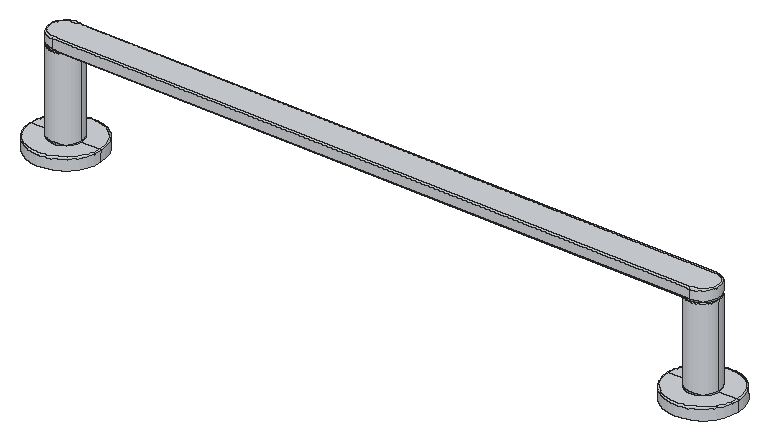
Revit family "Accessory-Towel_Bar-KOHLER-Composed-K-73141", category Specialty Equipment, host Face, Revit 2015
Parameters (values of type "CP-Polished Chrome")
  Width = 3"  # constant formula
  URL = "https://www.us.kohler.com/us/"
  Type = 1
  Product Page URL = "http://www.us.kohler.com/us/catalog/productDetails.jsp?productNumber=73141"
  Product Name = "Composed"  # constant formula
  Product Documentation Link = "http://www.us.kohler.com/onlinecatalog/pdf/K-73141_spec.pdf"
  Model = if(Type = 1, "K-73141-CP", if(Type = 2, "K-73141-TT", "NA"))  # "K-73141-CP"
  Material = "Premium Metal Construction"  # constant formula
  MasterFormat 2004 = "10.28.13"  # constant formula
  MasterFormat 1995 = "10820"  # constant formula
  Manufacturer Address = "444 Highland Dr, Kohler, WI 53044"  # constant formula
  Manufacturer = "KOHLER Co."  # constant formula
  Length = 18"  # constant formula
  Height = 2"  # constant formula
  Finish = Kohler-Metal-CP-Polished_Chrome
  Environmental Product Declaration = ""
  Description = "18 Inch Towel Bar"  # constant formula
  Default Elevation = 42"
  Declare Label = ""
  Date Modified = "09/06/2018"  # constant formula
  Date Created = "09/06/2018"  # constant formula
  Copyright = "Copyright KOHLER Co."  # constant formula
  Contact Us = "https://www.us.kohler.com/us/static/contact.jsp"
  Assembly Code = "C1030200"
  ADA Compliant = 1 = 0  # no
Types (3): name | Type | Model | Finish
  (no name) | 1 | "K-73141-CP" | Kohler-Metal-CP-Polished_Chrome
  CP-Polished Chrome | 1 | "K-73141-CP" | Kohler-Metal-CP-Polished_Chrome
  TT-Titanium | 2 | "K-73141-TT" | Kohler-Metal-TT-Vibrant_Titanium
Reference planes (in)
  plane 1 "Center (Front/Back)": y = 0
  plane 2: z = 0
  plane 3 "Center (Left/Right)": x = 0
  plane 4: z = 3
  plane 5: y = 1
  plane 6: y = -1
  plane 7: x = -9
  plane 8: x = 9
Dimensions and locks (in)
  "Width": plane 4 to plane 2
  "Height": plane 6 to plane 5
  equal spacing: plane 7, plane 3 "Center (Left/Right)", plane 8
  "Length": plane 7 to plane 8
  aligned and locked: plane 2 to host face
  aligned and locked: level to host face
Automatic sketch dimensions
  host sketch curve to host sketch curve = 96"  (x2)
Nested families (in)
  nested 1: "K-73141" at (0, 0, 0), type "K-73141"
Definition of nested family "K-73141"
  Parameters (values of type "K-73141")
    Material = none
    Length = 18"
  Reference planes (in)
    plane 1 "Center (Front/Back)": y = 0
    plane 2: z = 0
    plane 3 "Center (Left/Right)": x = 0
    plane 4: z = 3
    plane 5: y = -1
    plane 6: x = -9
    plane 7: x = 9
    plane 8: y = 1
    plane 9: x = -10
    plane 10: x = -8
    plane 11: x = 10
    plane 12: x = 8
  Forms (in)
    Revolve 1, solid, material <- "Material", detail levels medium+fine
      sketch origin (0, 0, 0) x (1, 0, 0) y (0, 0, 1)
        loop
          line (-9, 2.66929) -> (-9, 0) -> (-8, 0) -> (-8, 0.28281)
          arc (-8, 0.28281) -> (-8.00942, 0.30554) -> (-8.03215, 0.31496) r 0.03215
          line (-8.03215, 0.31496) -> (-8.58076, 0.31496)
          arc (-8.58076, 0.31496) -> (-8.55844, 0.3247) -> (-8.54926, 0.34725) r 0.0323
          line (-8.54926, 0.34725) -> (-8.54926, 2.63736)
          arc (-8.54926, 2.63736) -> (-8.55861, 2.65994) -> (-8.58119, 2.66929) r 0.03193
          line (-8.58119, 2.66929) -> (-9, 2.66929)
        axis (-9, 0) -> (-9, 2.66929)
      angle from 0 to 360
    Revolve 2, solid, material <- "Material", detail levels medium+fine
      sketch origin (0, 0, 0) x (-1, 0, 0) y (0, 0, 1)
        loop
          line (-9, 2.66929) -> (-9, 0) -> (-8, 0) -> (-8, 0.28281)
          arc (-8, 0.28281) -> (-8.00942, 0.30554) -> (-8.03215, 0.31496) r 0.03215
          line (-8.03215, 0.31496) -> (-8.58076, 0.31496)
          arc (-8.58076, 0.31496) -> (-8.55844, 0.3247) -> (-8.54926, 0.34725) r 0.0323
          line (-8.54926, 0.34725) -> (-8.54926, 2.63736)
          arc (-8.54926, 2.63736) -> (-8.55861, 2.65994) -> (-8.58119, 2.66929) r 0.03193
          line (-8.58119, 2.66929) -> (-9, 2.66929)
        axis (-9, 0) -> (-9, 2.66929)
      angle from 0 to 360
    Sweep 3, solid, material <- "Material", detail levels medium+fine
      path origin (0, 0, 0) x (1, 0, 0) y (0, 1, 0)
        loop
          line (9, 0.45079) -> (-9, 0.45079)
          arc (-9, 0.45079) -> (-9.45079, 0) -> (-9, -0.45079) r 0.45079
          line (-9, -0.45079) -> (9, -0.45079)
          arc (9, -0.45079) -> (9.45079, 0) -> (9, 0.45079) r 0.45079
      profile origin (0, 0.45079, 0) x (0, -1, 0) y (0, 0, 1)
        loop
          line (0, 2.96801) -> (0, 2.70054)
          arc (0, 2.70054) -> (0.00915, 2.67844) -> (0.03125, 2.66929) r 0.03125
          line (0.03125, 2.66929) -> (0.18765, 2.66929) -> (0.18765, 3) -> (0.03199, 3)
          arc (0.03199, 3) -> (0.00937, 2.99063) -> (0, 2.96801) r 0.03199
    Extrusion 4, solid, material <- "Material", detail levels medium+fine
      sketch origin (0, 0, 0) x (1, 0, 0) y (0, 1, 0)
        loop
          arc (-9, 0.26314) -> (-9.26314, 0) -> (-9, -0.26314) r 0.26314
          line (-9, -0.26314) -> (9, -0.26314)
          arc (9, -0.26314) -> (9.26314, 0) -> (9, 0.26314) r 0.26314
          line (9, 0.26314) -> (-9, 0.26314)
      from 2.66929 to 3
    Revolve 5, solid, material <- "Material", detail levels coarse
      sketch origin (0, 0, 0) x (1, 0, 0) y (0, 0, 1)
        loop
          line (-8.54926, 0.31496) -> (-8.54926, 2.66929) -> (-9, 2.66929) -> (-9, 0) -> (-8, 0) -> (-8, 0.31496) -> (-8.54926, 0.31496)
        axis (-9, 0) -> (-9, 2.66929)
      angle from 0 to 360
    Revolve 6, solid, material <- "Material", detail levels coarse
      sketch origin (0, 0, 0) x (-1, 0, 0) y (0, 0, 1)
        loop
          line (-8.54926, 0.31496) -> (-8.54926, 2.66929) -> (-9, 2.66929) -> (-9, 0) -> (-8, 0) -> (-8, 0.31496) -> (-8.54926, 0.31496)
        axis (-9, 0) -> (-9, 2.66929)
      angle from 0 to 360
    Extrusion 7, solid, material <- "Material", detail levels coarse
      sketch origin (0, 0, 0) x (1, 0, 0) y (0, 1, 0)
        loop
          line (9, 0.45079) -> (-9, 0.45079)
          arc (-9, 0.45079) -> (-9.45079, 0) -> (-9, -0.45079) r 0.45079
          line (-9, -0.45079) -> (9, -0.45079)
          arc (9, -0.45079) -> (9.45079, 0) -> (9, 0.45079) r 0.45079
      from 2.66871 to 3.00016
  Cuts and joins
    joined: Sweep 3, Extrusion 4
    joined: Revolve 1, Revolve 2
    joined: Revolve 5, Revolve 6
  Lines and regions (in)
    Masking region 1
      outline origin (0, 0, 0) x (1, 0, 0) y (0, 0, 1)
        loop
          line (-9, 0) -> (-8, 0) -> (-8, 0.28281)
          arc (-8, 0.28281) -> (-8.00942, 0.30554) -> (-8.03215, 0.31496) r 0.03215
          line (-8.03215, 0.31496) -> (-8.58076, 0.31496)
          arc (-8.58076, 0.31496) -> (-8.55844, 0.3247) -> (-8.54926, 0.34725) r 0.0323
          line (-8.54926, 0.34725) -> (-8.54926, 2.63736)
          arc (-8.54926, 2.63736) -> (-8.55861, 2.65994) -> (-8.58119, 2.66929) r 0.03193
          line (-8.58119, 2.66929) -> (8.58119, 2.66929)
          arc (8.58119, 2.66929) -> (8.55861, 2.65994) -> (8.54926, 2.63736) r 0.03193
          line (8.54926, 2.63736) -> (8.54926, 0.34725)
          arc (8.54926, 0.34725) -> (8.55844, 0.3247) -> (8.58076, 0.31496) r 0.0323
          line (8.58076, 0.31496) -> (8.03215, 0.31496)
          arc (8.03215, 0.31496) -> (8.00942, 0.30554) -> (8, 0.28281) r 0.03215
          line (8, 0.28281) -> (8, 0) -> (9, 0) -> (10, 0) -> (10, 0.28281)
          arc (10, 0.28281) -> (9.99058, 0.30554) -> (9.96785, 0.31496) r 0.03215
          line (9.96785, 0.31496) -> (9.41924, 0.31496)
          arc (9.41924, 0.31496) -> (9.44156, 0.3247) -> (9.45074, 0.34725) r 0.0323
          line (9.45074, 0.34725) -> (9.45074, 2.63736)
          arc (9.45074, 2.63736) -> (9.44139, 2.65994) -> (9.41881, 2.66929) r 0.03193
          arc (9.41881, 2.66929) -> (9.44123, 2.6788) -> (9.45074, 2.70176) r 0.03247
          line (9.45074, 2.70176) -> (9.45074, 2.96914)
          arc (9.45074, 2.96914) -> (9.4417, 2.99096) -> (9.41988, 3) r 0.03086
          line (9.41988, 3) -> (-9.41988, 3)
          arc (-9.41988, 3) -> (-9.4417, 2.99096) -> (-9.45074, 2.96914) r 0.03086
          line (-9.45074, 2.96914) -> (-9.45074, 2.70176)
          arc (-9.45074, 2.70176) -> (-9.44123, 2.6788) -> (-9.41827, 2.66929) r 0.03247
          arc (-9.41827, 2.66929) -> (-9.44139, 2.65994) -> (-9.45074, 2.63736) r 0.03193
          line (-9.45074, 2.63736) -> (-9.45074, 0.34725)
          arc (-9.45074, 0.34725) -> (-9.44156, 0.3247) -> (-9.41924, 0.31496) r 0.0323
          line (-9.41924, 0.31496) -> (-9.96785, 0.31496)
          arc (-9.96785, 0.31496) -> (-9.99058, 0.30554) -> (-10, 0.28281) r 0.03215
          line (-10, 0.28281) -> (-10, 0) -> (-9, 0)
    Masking region 2
      outline origin (0, 0, 0) x (0, 1, 0) y (0, 0, 1)
        loop
          line (0, 0) -> (1, 0) -> (1, 0.28281)
          arc (1, 0.28281) -> (0.99058, 0.30554) -> (0.96785, 0.31496) r 0.03215
          line (0.96785, 0.31496) -> (0.41924, 0.31496)
          arc (0.41924, 0.31496) -> (0.44156, 0.3247) -> (0.45074, 0.34725) r 0.0323
          line (0.45074, 0.34725) -> (0.45074, 2.63736)
          arc (0.45074, 2.63736) -> (0.44139, 2.65994) -> (0.41782, 2.66929) r 0.03193
          arc (0.41782, 2.66929) -> (0.4411, 2.67893) -> (0.45074, 2.70221) r 0.03292
          line (0.45074, 2.70221) -> (0.45074, 2.96691)
          arc (0.45074, 2.96691) -> (0.44105, 2.99031) -> (0.41765, 3) r 0.03309
          line (0.41765, 3) -> (-0.42062, 3)
          arc (-0.42062, 3) -> (-0.44192, 2.99118) -> (-0.45074, 2.96988) r 0.03012
          line (-0.45074, 2.96988) -> (-0.45074, 2.70054)
          arc (-0.45074, 2.70054) -> (-0.44159, 2.67844) -> (-0.41881, 2.66929) r 0.03125
          arc (-0.41881, 2.66929) -> (-0.44139, 2.65994) -> (-0.45074, 2.63736) r 0.03193
          line (-0.45074, 2.63736) -> (-0.45074, 0.34725)
          arc (-0.45074, 0.34725) -> (-0.44156, 0.3247) -> (-0.41924, 0.31496) r 0.0323
          line (-0.41924, 0.31496) -> (-0.96785, 0.31496)
          arc (-0.96785, 0.31496) -> (-0.99058, 0.30554) -> (-1, 0.28281) r 0.03215
          line (-1, 0.28281) -> (-1, 0) -> (0, 0)
    Masking region 3
      outline origin (0, 0, 0) x (1, 0, 0) y (0, 1, 0)
        loop
          line (8.10737, 0.45079) -> (-8.10737, 0.45079)
          arc (-8.10737, 0.45079) -> (-9.2317, 0.97279) -> (-10, 0) r 1
          arc (-10, 0) -> (-9.2317, -0.97279) -> (-8.10737, -0.45079) r 1
          line (-8.10737, -0.45079) -> (8.10737, -0.45079)
          arc (8.10737, -0.45079) -> (9.2317, -0.97279) -> (10, 0) r 1
          arc (10, 0) -> (9.2317, 0.97279) -> (8.10737, 0.45079) r 1
    symbolic lines, detail levels medium+fine
      curve 1: line (-9.41881, 0, 2.66929) -> (-8.58119, 0, 2.66929)
      curve 2: line (-9.41924, 0, 0.31496) -> (-8.58076, 0, 0.31496)
      curve 3: line (8.58076, 0, 0.31496) -> (9.41924, 0, 0.31496)
      curve 4: line (8.58119, 0, 2.66929) -> (9.41827, 0, 2.66929)
      curve 5: line (0, 0.41782, 2.66929) -> (0, -0.41881, 2.66929)
      curve 6: line (0, 0.41924, 0.31496) -> (0, -0.41924, 0.31496)
      curve 7: line (-8.35039, 0.45077, 0) -> (-8.99999, 0.45079, 0)
      curve 8: line (-8.35039, 0.41928, 0) -> (-8.99999, 0.41929, 0)
      curve 9: arc (-9.41924, 0, 0) -> (-9.29645, 0.29645, 0) -> (-9, 0.41924, 0) r 0.41924
      curve 10: arc (-9, -0.41924, 0) -> (-9.29645, -0.29645, 0) -> (-9.41924, 0, 0) r 0.41924
      curve 11: line (-9.00306, -0.41927, 0) -> (-8.35039, -0.4193, 0)
      curve 12: line (-9.00001, -0.45079, 0) -> (-8.35039, -0.4508, 0)
      curve 13: line (8.35039, -0.41929, 0) -> (-8.35039, -0.41929, 0)
      curve 14: line (-8.35039, -0.4508, 0) -> (-8.10738, -0.4508, 0)
      curve 15: arc (-8.99999, 0.45079, 0) -> (-9.45079, 0.00001, 0) -> (-9.00001, -0.45079, 0) r 0.45079
      curve 16: line (-8.35039, 0.45077, 0) -> (-8.10039, 0.45077, 0)
      curve 17: line (-8.35039, 0.41928, 0) -> (0, 0.41928, 0)
      curve 18: line (8.35039, 0.45077, 0) -> (8.99999, 0.45079, 0)
      curve 19: line (8.35039, 0.41928, 0) -> (8.99999, 0.41929, 0)
      curve 20: arc (9.41924, 0, 0) -> (9.29645, 0.29645, 0) -> (9, 0.41924, 0) r 0.41924
      curve 21: arc (9, -0.41924, 0) -> (9.29645, -0.29645, 0) -> (9.41924, 0, 0) r 0.41924
      curve 22: line (9.00306, -0.41927, 0) -> (8.35039, -0.4193, 0)
      curve 23: line (9.00001, -0.45079, 0) -> (8.35039, -0.4508, 0)
      curve 24: line (8.35039, -0.4508, 0) -> (8.10738, -0.4508, 0)
      curve 25: arc (8.99999, 0.45079, 0) -> (9.45079, 0.00001, 0) -> (9.00001, -0.45079, 0) r 0.45079
      curve 26: line (8.35039, 0.45077, 0) -> (8.10039, 0.45077, 0)
      curve 27: line (8.35039, 0.41928, 0) -> (0, 0.41928, 0)
      curve 28: line (-8.35039, 0.45077, 0) -> (-8.35039, -0.4508, 0)
      curve 29: line (8.35039, 0.45077, 0) -> (8.35039, -0.4508, 0)
      curve 30: arc (-8.14283, 0.45077, 0) -> (-9.96847, 0.00002, 0) -> (-8.14285, -0.4508, 0) r 0.96847
      curve 31: arc (8.14283, 0.45077, 0) -> (9.96847, 0.00002, 0) -> (8.14285, -0.4508, 0) r 0.96847
      curve 32: line (-8.35039, 0, 3) -> (-8.35039, 0, 2.66929)
      curve 33: line (8.35039, 0, 3) -> (8.35039, 0, 2.66929)
  Dimensions and locks (in)
    locked: plane 4 to plane 2 at 3
    equal spacing: plane 7, plane 3 "Center (Left/Right)", plane 6
    "Length": plane 7 to plane 6
    plane 5 to plane 8 = 2"  (x2)
    locked: plane 9 to plane 10 at 2
    locked: plane 12 to plane 11 at 2
    equal spacing: plane 9, plane 6, plane 10, locked at 1 each
    equal spacing: plane 12, plane 7, plane 11, locked at 1 each
    aligned and locked: plane 2 to level
  Automatic sketch dimensions
    curve 9 to curve 10 = 0"  (x2)
    curve 9 to curve 15 = 0"  (x2)
    curve 9 to curve 30 = 0"  (x2)
    curve 10 to curve 15 = 0"  (x2)
    curve 10 to curve 30 = 0"  (x2)
    curve 15 to curve 30 = 0"  (x2)
    curve 20 to curve 21 = 0"  (x2)
    curve 20 to curve 25 = 0"  (x2)
    curve 20 to curve 31 = 0"  (x2)
    curve 21 to curve 25 = 0"  (x2)
    curve 21 to curve 31 = 0"  (x2)
    curve 25 to curve 31 = 0"  (x2)
    plane 1 "Center (Front/Back)" to curve 9 = 0"
    curve 9 to plane 6 = 0"
    curve 27 to plane 3 "Center (Left/Right)" = 0"
    plane 1 "Center (Front/Back)" to curve 25 = 0"
    curve 25 to plane 7 = 0"
    curve 12 to plane 6 = 0"
    plane 6 to curve 7 = 0"
    curve 17 to plane 10 = 0.35039"
    curve 8 to curve 28 = 0"
    curve 29 to plane 12 = 0.35039"
    curve 18 to curve 27 = 0"
    plane 7 to curve 18 = 0"
    curve 23 to plane 7 = 0"
    plane 1 "Center (Front/Back)" to curve 12 = 0.45079"
    plane 1 "Center (Front/Back)" to curve 23 = 0.45079"
    plane 1 "Center (Front/Back)" to curve 12 = 0.4508"
    plane 1 "Center (Front/Back)" to curve 29 = 0.4508"
    curve 19 to plane 1 "Center (Front/Back)" = 0.41928"
    curve 8 to curve 16 = 0.03149"
    curve 19 to curve 18 = 0.03149"
    curve 11 to plane 6 = 0.00306"
    curve 10 to curve 9 = 0.41924"
    plane 6 to curve 8 = 0"
    curve 30 to plane 10 = 0.14285"
    curve 30 to curve 14 = 0.03547"
    curve 30 to curve 16 = 0.04244"
    curve 26 to plane 12 = 0.10039"
    curve 24 to plane 12 = 0.10738"
    curve 26 to curve 31 = 0.04244"
    plane 7 to curve 19 = 0"
    curve 22 to plane 7 = 0.00306"
    curve 20 to curve 21 = 0.41924"
    curve 22 to curve 21 = 0.00003"
    curve 11 to curve 10 = 0.00003"
    curve 23 to curve 13 = 0.03151"
    curve 22 to curve 13 = 0"
    curve 11 to curve 13 = 0"
    curve 9 to curve 8 = 0.00005"
    curve 20 to curve 19 = 0.00005"
    plane 1 "Center (Front/Back)" to curve 6 = 0.41924"
    level to curve 6 = 0.31496"
    plane 1 "Center (Front/Back)" to curve 5 = 0.41881"
    curve 5 to plane 1 "Center (Front/Back)" = 0.41782"
    curve 6 to plane 1 "Center (Front/Back)" = 0.41924"
    plane 4 to curve 5 = 0.33071"
    curve 32 to plane 4 = 0"
    curve 33 to plane 4 = 0"
    curve 2 to plane 6 = 0.41924"
    curve 1 to plane 6 = 0.41881"
    plane 6 to curve 1 = 0.41881"
    plane 6 to curve 2 = 0.41924"
    curve 1 to curve 32 = 0.2308"
    curve 33 to plane 12 = 0.35039"
    plane 7 to curve 3 = 0.41924"
    curve 33 to curve 4 = 0.2308"
    curve 4 to plane 7 = 0.41827"
    curve 3 to plane 7 = 0.41924"
    plane 4 to curve 33 = 0.33071"
    plane 4 to curve 32 = 0.33071"
    plane 4 to curve 4 = 0.33071"
    plane 4 to curve 1 = 0.33071"
    level to curve 3 = 0.31496"
    level to curve 2 = 0.31496"
    Revolve 1 sketch curve to level = 0"  (x2)
    Revolve 1 sketch curve to plane 6 = 0"  (x2)
    Revolve 1 sketch curve to plane 10 = 0"
    plane 6 to Revolve 1 sketch curve = 0.41844"
    plane 6 to Revolve 1 sketch curve = 0.41881"
    Revolve 1 sketch curve to Revolve 1 sketch curve = 0.0008"
    Revolve 1 sketch curve to Revolve 1 sketch curve = 0.03193"
    Revolve 1 sketch curve to plane 10 = 0.03215"
    Revolve 1 sketch curve to Revolve 1 sketch curve = 0.28281"
    plane 4 to Revolve 1 sketch curve = 0.36264"
    Revolve 1 sketch curve to Revolve 1 sketch curve = 0.65275"
    plane 7 to Revolve 2 sketch curve = 0"  (x2)
    Revolve 2 sketch curve to level = 0"  (x2)
    plane 12 to Revolve 2 sketch curve = 0"
    Revolve 2 sketch curve to plane 7 = 0.41844"
    Revolve 2 sketch curve to plane 7 = 0.41881"
    Revolve 2 sketch curve to Revolve 2 sketch curve = 0.0008"
    Revolve 2 sketch curve to Revolve 2 sketch curve = 0.03193"
    Revolve 2 sketch curve to Revolve 2 sketch curve = 0.03215"
    Revolve 2 sketch curve to Revolve 2 sketch curve = 0.28281"
    Revolve 2 sketch curve to plane 4 = 0.36264"
    Revolve 2 sketch curve to Revolve 2 sketch curve = 0.65275"
    Sweep 3 sketch curve to plane 6 = 0"
    Sweep 3 sketch curve to plane 7 = 0"
    plane 1 "Center (Front/Back)" to Sweep 3 sketch curve = 0"
    plane 1 "Center (Front/Back)" to Sweep 3 sketch curve = 0.45079"
    Sweep 3 sketch curve to profile plane = 0"
    Sweep 3 sketch curve to profile plane = 1/32"
    Sweep 3 sketch curve to Sweep 3 sketch curve = 0.03199"
    Sweep 3 sketch curve to Sweep 3 sketch curve = 0.15566"
    level to Sweep 3 sketch curve = 2.66929"
    Sweep 3 sketch curve to Sweep 3 sketch curve = 0.26747"
    Extrusion 4 sketch curve to plane 6 = 0"
    Extrusion 4 sketch curve to plane 7 = 0"
    plane 1 "Center (Front/Back)" to Extrusion 4 sketch curve = 0"
    plane 1 "Center (Front/Back)" to Extrusion 4 sketch curve = 0.26314"
    Masking region 1 sketch curve to level = 0"  (x2)
    plane 9 to Masking region 1 sketch curve = 0"
    Masking region 1 sketch curve to plane 4 = 0"
    Masking region 1 sketch curve to plane 6 = 0"
    Masking region 1 sketch curve to plane 10 = 0"
    plane 12 to Masking region 1 sketch curve = 0"
    plane 7 to Masking region 1 sketch curve = 0"
    Masking region 1 sketch curve to plane 11 = 0"
    Masking region 1 sketch curve to plane 9 = 0.03215"
    Masking region 1 sketch curve to plane 6 = 0.45074"
    Masking region 1 sketch curve to Masking region 1 sketch curve = 0"
    Masking region 1 sketch curve to Masking region 1 sketch curve = 0.03086"
    Masking region 1 sketch curve to Masking region 1 sketch curve = 0.0315"  (x2)
    Masking region 1 sketch curve to Masking region 1 sketch curve = 0.03193"  (x4)
    Masking region 1 sketch curve to Masking region 1 sketch curve = 0.0323"  (x2)
    Masking region 1 sketch curve to Masking region 1 sketch curve = 0.03247"  (x3)
    plane 6 to Masking region 1 sketch curve = 0.41844"
    plane 6 to Masking region 1 sketch curve = 0.41881"
    Masking region 1 sketch curve to Masking region 1 sketch curve = 0.0008"  (x2)
    Masking region 1 sketch curve to Masking region 1 sketch curve = 0.03215"  (x3)
    plane 7 to Masking region 1 sketch curve = 0.45074"
    Masking region 1 sketch curve to plane 7 = 0.41827"
    Masking region 1 sketch curve to plane 7 = 0.41844"
    Masking region 1 sketch curve to Masking region 1 sketch curve = 0.00054"
    Masking region 1 sketch curve to Masking region 1 sketch curve = 0.00162"
    plane 4 to Masking region 1 sketch curve = 0.03086"
    Masking region 1 sketch curve to Masking region 1 sketch curve = 0.28281"
    level to Masking region 1 sketch curve = 0.28281"  (x3)
    plane 4 to Masking region 1 sketch curve = 0.36264"
    Masking region 1 sketch curve to Masking region 1 sketch curve = 0.33179"  (x2)
    Masking region 2 sketch curve to level = 0"
    Masking region 2 sketch curve to plane 5 = 0"
    plane 4 to Masking region 2 sketch curve = 0"
    Masking region 2 sketch curve to plane 1 "Center (Front/Back)" = 0"
    Masking region 2 sketch curve to plane 8 = 0"
    plane 5 to Masking region 2 sketch curve = 0.03215"
    plane 1 "Center (Front/Back)" to Masking region 2 sketch curve = 0.45074"  (x2)
    Masking region 2 sketch curve to Masking region 2 sketch curve = 0.03012"
    Masking region 2 sketch curve to Masking region 2 sketch curve = 1/32"  (x2)
    Masking region 2 sketch curve to Masking region 2 sketch curve = 0.0315"
    Masking region 2 sketch curve to Masking region 2 sketch curve = 0.03193"
    Masking region 2 sketch curve to Masking region 2 sketch curve = 0.0323"  (x2)
    Masking region 2 sketch curve to plane 1 "Center (Front/Back)" = 0.41765"
    Masking region 2 sketch curve to Masking region 2 sketch curve = 0.00017"
    Masking region 2 sketch curve to plane 1 "Center (Front/Back)" = 0.41844"
    Masking region 2 sketch curve to Masking region 2 sketch curve = 0.00099"
    Masking region 2 sketch curve to Masking region 2 sketch curve = 0.0008"
    Masking region 2 sketch curve to Masking region 2 sketch curve = 0.03309"
    plane 8 to Masking region 2 sketch curve = 0.03215"
    level to Masking region 2 sketch curve = 0.28281"
    Masking region 2 sketch curve to Masking region 2 sketch curve = 0.28281"
    Masking region 2 sketch curve to Masking region 2 sketch curve = 0.32955"
    Masking region 2 sketch curve to Masking region 2 sketch curve = 0.33253"
    Masking region 2 sketch curve to Masking region 2 sketch curve = 0.03292"
    Masking region 3 sketch curve to Masking region 3 sketch curve = 0"  (x4)
    plane 1 "Center (Front/Back)" to Masking region 3 sketch curve = 0"  (x2)
    Masking region 3 sketch curve to plane 9 = 0"
    Masking region 3 sketch curve to plane 6 = 0"
    Masking region 3 sketch curve to plane 7 = 0"
    Masking region 3 sketch curve to plane 11 = 0"
    Masking region 3 sketch curve to plane 10 = 0.10737"  (x2)
    Revolve 5 sketch curve to level = 0"  (x2)
    Revolve 5 sketch curve to plane 6 = 0"  (x2)
    Revolve 5 sketch curve to plane 10 = 0"
    plane 6 to Revolve 5 sketch curve = 0.45074"
    Revolve 5 sketch curve to Revolve 5 sketch curve = 0.31496"  (x2)
    plane 4 to Revolve 5 sketch curve = 0.33071"
    Revolve 6 sketch curve to level = 0"  (x2)
    plane 7 to Revolve 6 sketch curve = 0"  (x2)
    plane 12 to Revolve 6 sketch curve = 0"
    Revolve 6 sketch curve to plane 7 = 0.45074"
    Revolve 6 sketch curve to Revolve 6 sketch curve = 0.31496"  (x2)
    Revolve 6 sketch curve to plane 4 = 0.33071"
    Extrusion 7 sketch curve to plane 6 = 0"
    Extrusion 7 sketch curve to plane 7 = 0"
    plane 1 "Center (Front/Back)" to Extrusion 7 sketch curve = 0"
    plane 1 "Center (Front/Back)" to Extrusion 7 sketch curve = 0.45079"
